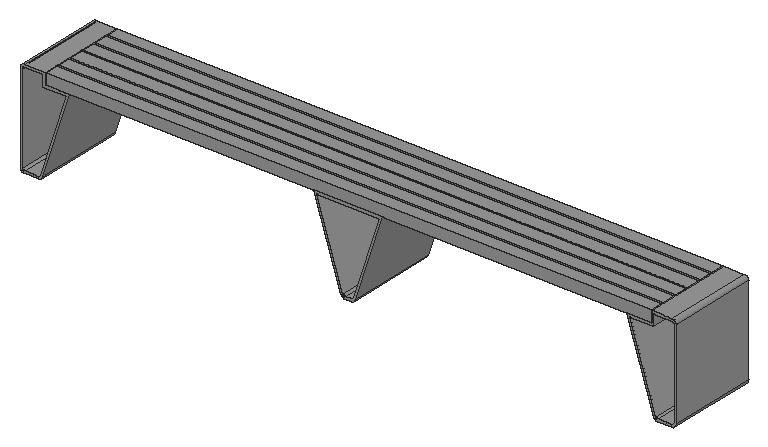
Revit family "2241 Скамейка стальная «Энигма»  без спинки Хоббика", category Антураж, Revit 2018
Family settings
  На основе рабочей плоскости = Нет
  Всегда вертикально = Да
  При загрузке вырезать с полостями = Нет
  Источник визуального образа = Геометрия семейства
  Общий = Нет
  Точка расчета площади = Нет
Parameters (values of type "Скамейка стальная «Энигма» без спинки 3,0 м (3 опоры)")
  Ширина = 410 mm  # constant formula
  Цвет лавки = Орех
  Цвет каркаса = Сталь
  Описание = if([Версия 2,0 м (2 опоры)], "Скамейка стальная «Энигма» без спинки. Версия 2,0 м (2 опоры)", "Скамейка стальная «Энигма» без спинки. Версия 3,0 м (3 опоры)")  # "Скамейка стальная «Энигма» без спинки. Версия 3,0 м (3 опоры)"
  Материал изделия = "Дерево, сталь"  # constant formula
  Изображение типоразмера = Скамейка стальная Энигма без спинки.jpg
  Изготовитель = "ООО «Хоббика»"  # constant formula
  Длина = if([Версия 2,0 м (2 опоры)], 2000 mm, 3000 mm)  # 3000 mm
  Группа модели = "Скамейки"  # constant formula
  Высота = 445 mm  # constant formula
  Версия 3,0 м (3 опоры) = not([Версия 2,0 м (2 опоры)])  # yes
  Версия 2,0 м (2 опоры) = no
  Артикул товара = "Арт. 22411"  # constant formula
  URL = "hobbyka.ru/product/skameyka_bez_spinki_enigma/"
Types (3, lengths in mm): name | Описание | Длина | Версия 3,0 м (3 опоры) | Версия 2,0 м (2 опоры)
  (no name) | "Скамейка стальная «Энигма» без спинки. Версия 3,0 м (3 опоры)" | 3000 | yes | no
  Скамейка стальная «Энигма» без спинки 2,0 м (2 опоры) | "Скамейка стальная «Энигма» без спинки. Версия 2,0 м (2 опоры)" | 2000 | no | yes
  Скамейка стальная «Энигма» без спинки 3,0 м (3 опоры) | "Скамейка стальная «Энигма» без спинки. Версия 3,0 м (3 опоры)" | 3000 | yes | no
Reference planes
  plane 1 "По центру (Вперед/Назад)": y = 0
  plane 2: z = 0
  plane 3 "По центру (Влево/Вправо)": x = 0
  plane 4: x = 3000
  plane 5: y = 410
  plane 6: x = 115
  plane 7: x = 2885
  plane 8: x = 120
  plane 9: x = 2880
  plane 10: z = 445
Forms (mm)
  Extrusion 1, solid, material "Орех" <- "Цвет лавки"
    sketch origin (0, 21.367, 0) x (0, 1, 0) y (0, 0, 1)
      loop
        line (38.887, 395) -> (38.887, 445) -> (-21.113, 445) -> (-21.113, 395) -> (38.887, 395)
      loop
        line (108.887, 395) -> (108.887, 445) -> (48.887, 445) -> (48.887, 395) -> (108.887, 395)
      loop
        line (178.887, 395) -> (178.887, 445) -> (118.887, 445) -> (118.887, 395) -> (178.887, 395)
      loop
        line (248.887, 395) -> (248.887, 445) -> (188.887, 445) -> (188.887, 395) -> (248.887, 395)
      loop
        line (318.887, 395) -> (318.887, 445) -> (258.887, 445) -> (258.887, 395) -> (318.887, 395)
      loop
        line (388.887, 395) -> (388.887, 445) -> (328.887, 445) -> (328.887, 395) -> (388.887, 395)
    from 115 to 2885
  Extrusion 2, solid, material "Сталь" <- "Цвет каркаса", visible <- "Версия 3,0 м (3 опоры)"
    sketch origin (469.516, 0, 0) x (1, 0, 0) y (0, 0, 1)
      loop
        line (1064.266, 13.126) -> (1188.375, 395) -> (872.594, 395) -> (996.703, 13.126)
        arc (996.703, 13.126) -> (1004.028, 3.607) -> (1015.484, 0) r 20
        line (1015.484, 0) -> (1045.484, 0)
        arc (1045.484, 0) -> (1056.941, 3.607) -> (1064.266, 13.126) r 20
      loop
        line (886.359, 385) -> (1006.147, 16.421)
        arc (1006.147, 16.421) -> (1009.818, 11.76) -> (1015.484, 10) r 10
        line (1015.484, 10) -> (1045.484, 10)
        arc (1045.484, 10) -> (1051.15, 11.76) -> (1054.822, 16.421) r 10
        line (1054.822, 16.421) -> (1174.61, 385) -> (886.359, 385)
    from 0 to -410
Dimensions and locks
  "Длина": plane 3 "По центру (Влево/Вправо)" to plane 4
  "Ширина": plane 5 to plane 1 "По центру (Вперед/Назад)"
  locked: plane 3 "По центру (Влево/Вправо)" to plane 6 at 115
  locked: plane 7 to plane 4 at 115
  locked: plane 6 to plane 8 at 5
  locked: plane 9 to plane 7 at 5
  "Высота": plane 10 to level
  aligned and locked: level to plane 2
  aligned and locked: plane 4 to nested 2
  aligned and locked: plane 6 to Extrusion 1
  aligned and locked: Extrusion 1 to plane 7
  aligned and locked: Extrusion 2 to nested 1
  aligned and locked: plane 1 "По центру (Вперед/Назад)" to Extrusion 2
Automatic sketch dimensions
  Extrusion 1 sketch curve to plane 10 = 0 mm  (x6)
  Extrusion 1 sketch curve to plane 1 "По центру (Вперед/Назад)" = 0.254 mm
  Extrusion 1 sketch curve to Extrusion 1 sketch curve = 60 mm  (x5)
  Extrusion 1 sketch curve to Extrusion 1 sketch curve = 10 mm  (x5)
  plane 5 to Extrusion 1 sketch curve = 0.254 mm
  Extrusion 1 sketch curve to plane 10 = 50 mm  (x5)
  Extrusion 1 sketch curve to Extrusion 1 sketch curve = 50 mm
  Extrusion 2 sketch curve to level = 0 mm
  level to Extrusion 2 sketch curve = 13.126 mm  (x2)
  plane 8 to Extrusion 2 sketch curve = 1346.219 mm
  Extrusion 2 sketch curve to Extrusion 2 sketch curve = 30 mm
  Extrusion 2 sketch curve to Extrusion 2 sketch curve = 142.891 mm
  Extrusion 2 sketch curve to plane 10 = 50 mm
  Extrusion 2 sketch curve to Extrusion 2 sketch curve = 315.781 mm
  Extrusion 2 sketch curve to Extrusion 2 sketch curve = 13.765 mm  (x2)
  Extrusion 2 sketch curve to Extrusion 2 sketch curve = 10 mm
  level to Extrusion 2 sketch curve = 16.421 mm  (x2)
  Extrusion 2 sketch curve to Extrusion 2 sketch curve = 9.444 mm  (x2)
  Extrusion 2 sketch curve to Extrusion 2 sketch curve = 0 mm  (x4)
  level to Extrusion 2 sketch curve = 10 mm
Nested families
  nested 1: "опора боковаяэнигма без спинки" at (0, 0, 0), type "опора боковаяэнигма без спинки"
  nested 2: "опора боковаяэнигма без спинки" at (3000, 0, 0) x (-1, 0, 0) z (0, 0, 1), type "опора боковаяэнигма без спинки"
Definition of nested family "опора боковаяэнигма без спинки"
  Parameters (values of type "опора боковаяэнигма без спинки")
    Ширина = 410 mm
    Цвет каркаса = none
    Height = 0 mm
  Reference planes
    plane 1 "По центру (Вперед/Назад)": y = 0
    plane 2: z = 0
    plane 3 "По центру (Влево/Вправо)": x = 0
    plane 4: y = 410
  Forms (mm)
    Extrusion 1, solid, material <- "Цвет каркаса"
      sketch origin (0, 0, 0) x (1, 0, 0) y (0, 0, 1)
        loop
          arc (0, 20) -> (5.858, 5.858) -> (20, 0) r 20
          line (20, 0) -> (85.484, 0)
          arc (85.484, 0) -> (96.941, 3.607) -> (104.266, 13.126) r 20
          line (104.266, 13.126) -> (228.375, 395) -> (115, 395) -> (115, 445) -> (20, 445)
          arc (20, 445) -> (5.858, 439.142) -> (0, 425) r 20
          line (0, 425) -> (0, 20)
        loop
          arc (20, 435) -> (12.929, 432.071) -> (10, 425) r 10
          line (10, 425) -> (10, 20)
          arc (10, 20) -> (12.929, 12.929) -> (20, 10) r 10
          line (20, 10) -> (85.484, 10)
          arc (85.484, 10) -> (91.15, 11.76) -> (94.822, 16.421) r 10
          line (94.822, 16.421) -> (214.61, 385) -> (105, 385) -> (105, 435) -> (20, 435)
      from 0 to -410
  Dimensions and locks
    "Ширина": plane 4 to plane 1 "По центру (Вперед/Назад)"
    aligned and locked: level to plane 2
    aligned and locked: plane 4 to Extrusion 1
  Automatic sketch dimensions
    Extrusion 1 sketch curve to Extrusion 1 sketch curve = 0 mm  (x6)
    Extrusion 1 sketch curve to plane 3 "По центру (Влево/Вправо)" = 0 mm
    Extrusion 1 sketch curve to level = 0 mm
    Extrusion 1 sketch curve to Extrusion 1 sketch curve = 10 mm  (x4)
    plane 3 "По центру (Влево/Вправо)" to Extrusion 1 sketch curve = 20 mm
    Extrusion 1 sketch curve to Extrusion 1 sketch curve = 65.484 mm
    level to Extrusion 1 sketch curve = 16.421 mm
    Extrusion 1 sketch curve to Extrusion 1 sketch curve = 9.337 mm
    level to Extrusion 1 sketch curve = 13.126 mm
    Extrusion 1 sketch curve to Extrusion 1 sketch curve = 85 mm
    Extrusion 1 sketch curve to Extrusion 1 sketch curve = 99.61 mm
    Extrusion 1 sketch curve to Extrusion 1 sketch curve = 13.765 mm
    Extrusion 1 sketch curve to Extrusion 1 sketch curve = 365 mm
    Extrusion 1 sketch curve to Extrusion 1 sketch curve = 40 mm
